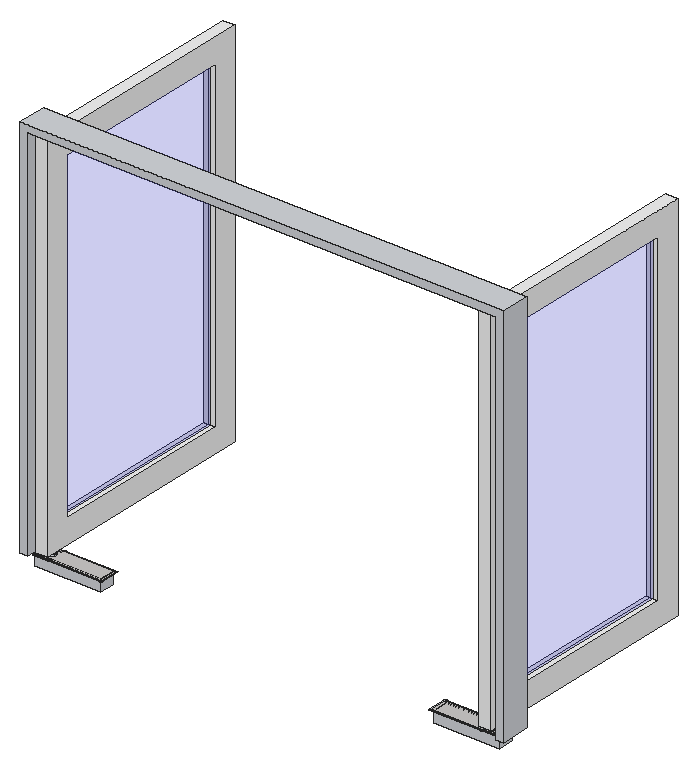
Revit family "Door closer BTS80_Double Access_Double Door", category Türen, Revit 2016
Family settings
  Basisbauteil = Wand
  OmniClass-Nummer = 23.30.10.00
  OmniClass-Titel = Doors
  Immer vertikal = Ja
  Beim Laden mit Abzugskörper schneiden = Nein
  Gemeinsam genutzt = Nein
  Raumberechnungspunkt = Nein
Parameters
  panel Height [instance] = Height - (Door Frame Width + Floor Space)  # 1935 mm
  Width (mm) = 0
  Width [instance] = 2500 mm
  Weight Net (Kg) = 0
  Wall Closure = (empty or 0)
  URL = ""
  UNSPC code = "26"
  UNSPC category = ""
  UNSPC Name = "Elkraftsutrustning och tillbehör"
  Product group = "Door Hardware"
  Product family = "Door Control"
  Product data url = "http://www.dorma.de/prod/tuertechnik..."
  Product SKU = ""
  Panel material = Aluminum
  Panel Width [instance] = (Width - (2 * Door Frame Width)) / 2  # 1210 mm
  Panel Thick [instance] = 60 mm
  Panel Swing options [instance] = Panel_DS_Open_Pos : Panel_DS_Open_Pos
  Panel Frame Width [instance] = 125 mm
  Material secondary = "Metal"
  Material main = "Stainless steel"
  Manufacturer country = "Germany"
  Hersteller = "DORMA"
  Installation instructions = "http://www.dorma.de/prod/tuertechnik..."
  IFC Classification = "Door"
  Hinge offset [instance] = 65 mm
  Height (mm) = 0
  Height [instance] = 2000 mm
  HO [instance] = Hinge offset + Door Frame Width  # 105 mm
  Glass material = Glass
  Glass Thick [instance] = 12 mm
  Floor Space [instance] = 25 mm
  Edition number = "1"
  EAN code = ""
  Door Frame Width [instance] = 40 mm
  Design country = "Germany"
  Depth (mm) = 0
  Date of publishing = ""
Reference planes
  plane 1: y = 0
  plane 2 "Center (Left/Right)": x = 0
  plane 3 "Left": x = -1250
  plane 4 "Right": x = 1250
  plane 5: z = 2000
  plane 6 "Exterior": y = 75
  plane 7 "Interior": y = -75
  plane 8: x = 1145
  plane 9: z = 25
  plane 10: x = -1145
Forms (mm)
  Sweep 1, solid
    path origin (0, -75, 0) x (1, 0, 0) y (0, 0, 1)
      loop
        line (-1250, 0) -> (-1250, 2000) -> (1250, 2000) -> (1250, 0)
    profile origin (-1250, -75, 1000) x (-1, 0, 0) y (0, -1, 0)
      loop
        line (0, 0) -> (-40, 0) -> (-40, -150) -> (0, -150) -> (0, 0)
Lines and regions (mm)
  Opening 1
    outline origin (-3050, -75, 0) x (1, 0, 0) y (0, 0, 1)
      loop
        line (1800, 0) -> (4300, 0) -> (4300, 2000) -> (1800, 2000) -> (1800, 0)
  symbolic lines
    curve 1: line (1250, -75, 1000) -> (-1250, -75, 2000)
    curve 2: line (1250, -75, 1000) -> (-1250, -75, 0)
Text (mm)
  text "Exterior" at (-2295.016, 1099.543, 0), in view "Ref. Level"
  text "Exterior" at (0, 1615.38, 3698.081), in view "Left"
  text "Exterior" at (0, 1036.032, 3874.932), in view "Right"
Dimensions and locks
  equal spacing: plane 3 "Left", plane 2 "Center (Left/Right)", plane 4 "Right"
  "Width": plane 3 "Left" to plane 4 "Right"
  "Height": plane 5 to host wall
  equal spacing: host wall, curve 2, plane 5
  host wall to plane 5 = 2000 mm
  locked: plane 6 "Exterior" to host wall at 0
  locked: plane 7 "Interior" to host wall
  "Door Frame Width": profile plane to Sweep 1 sketch curve
  "HO": plane 8 to plane 4 "Right"
  "Floor Space": plane 9 to level
  "HO": plane 3 "Left" to plane 10
  aligned and locked: plane 3 "Left" to Opening 1 sketch curve
  aligned and locked: plane 5 to Opening 1 sketch curve  (x2)
  aligned and locked: Opening 1 sketch curve to plane 4 "Right"
  aligned and locked: Opening 1 sketch curve to level
  aligned and locked: plane 5 to curve 1
  aligned and locked: plane 3 "Left" to curve 2
  aligned and locked: plane 1 to host wall
  aligned and locked: plane 3 "Left" to curve 1
  aligned and locked: Sweep 1 sketch curve to host wall  (x4)
  aligned and locked: profile plane to Sweep 1 sketch curve
  aligned and locked: host wall to Sweep 1 sketch curve
  aligned and locked: plane 8 to nested 1
  aligned and locked: host wall to nested 1
  aligned and locked: plane 9 to nested 1
  aligned and locked: nested 2 to plane 8
  aligned and locked: nested 2 to plane 1
  aligned and locked: plane 10 to nested 5
  aligned and locked: nested 5 to nested 4
  aligned and locked: plane 10 to nested 4
  aligned and locked: plane 1 to nested 6
Automatic sketch dimensions
  plane 4 "Right" to curve 2 = 0 mm
  curve 2 to level = 0 mm
  Sweep 1 sketch curve to level = 0 mm  (x2)
Nested families
  nested 1: "Panel_DS_Open_Pos" at (1145, 0, 25), type <- "Panel Swing options", type "Panel_DS_Open_Pos"
    with CW 1175 mm, Panel Width 1210 mm
  nested 2: "Floor Spring BTS80" at (1145, 0, 0) x (-1, 0, 0) z (0, 0, 1), type "Floor Spring BTS80"
    with Width 78 mm
  nested 3: "universal cover plates" at (1145, 0, 0) x (-1, 0, 0) z (0, 0, 1), type "Top Plate"
    with L 353 mm
  nested 4: "Panel_DS_Open_Pos" at (-1145, 0, 25) x (-1, 0, 0) z (0, 0, 1), type <- "Panel Swing options", type "Panel_DS_Open_Pos"
    with CW 1175 mm, Panel Width 1210 mm
  nested 5: "Floor Spring BTS80" at (-1145, 0, 0), type "Floor Spring BTS80"
    with Width 78 mm
  nested 6: "universal cover plates" at (-1145, 0, 0), type "Top Plate"
    with L 353 mm
Definition of nested family "Panel_DS_Open_Pos"
  Parameters
    Panel frame Width = 125 mm
    Panel Width = 920 mm
    Panel Thick = 60 mm
    Panel Height = 1935 mm
    Panel material = none
    Hinge Offset = 65 mm
    Glass Thick = 12 mm
    Glass Material = none
    CW [instance] = Panel Width - 35 mm  # 885 mm
  Reference planes
    plane 1 "Center (Front/Back)": y = 0
    plane 2: z = 0
    plane 3 "Center (Left/Right)": x = 0
    plane 4 "Top": z = 1935
  Forms (mm)
    Extrusion 1, solid, material <- "Panel material"
      sketch origin (27.5, -80, 0) x (0, -1, 0) y (0, 0, 1)
        loop
          line (-935, 1935) -> (-935, 0) -> (-15, 0) -> (-15, 1935) -> (-935, 1935)
        loop
          line (-810, 1810) -> (-810, 125) -> (-140, 125) -> (-140, 1810) -> (-810, 1810)
      from -2.5 to 57.5
    Extrusion 2, solid, material <- "Glass Material"
      sketch origin (27.5, -80, 0) x (0, -1, 0) y (0, 0, 1)
        loop
          line (-810, 1810) -> (-810, 125) -> (-140, 125) -> (-140, 1810) -> (-810, 1810)
      from 21.5 to 33.5
  Lines and regions (mm)
    symbolic lines
      curve 1: line (30, 855, 0) -> (30, -65, 0)
      curve 2: line (-30, 855, 0) -> (30, 855, 0)
      curve 3: line (-30, -65, 0) -> (-30, 855, 0)
      curve 4: line (30, -65, 0) -> (-30, -65, 0)
      curve 10: arc (0, 855, 0) -> (-604.576, 604.576, 0) -> (-855, 0, 0) r 855
    symbolic lines, detail levels medium+fine
      curve 5: line (-30, 730, 0) -> (30, 730, 0)
      curve 6: line (30, 60, 0) -> (-30, 60, 0)
    symbolic lines, detail levels medium
      curve 7: line (0, 730, 0) -> (0, 60, 0)
    symbolic lines, detail levels fine
      curve 8: line (-6, 730, 0) -> (-6, 60, 0)
      curve 9: line (6, 60, 0) -> (6, 730, 0)
  Dimensions and locks
    "Panel Height": plane 4 "Top" to level
    "Panel Width": Extrusion 1 sketch curve to Extrusion 1 sketch curve
    "Panel frame Width": Extrusion 1 sketch curve to Extrusion 1 sketch curve  (x4)
    "Glass Thick": Extrusion 2 to Extrusion 2
    "Panel Thick": Extrusion 1 to Extrusion 1
    equal spacing: Extrusion 1, plane 3 "Center (Left/Right)", Extrusion 1
    equal spacing: Extrusion 2, plane 3 "Center (Left/Right)", Extrusion 2
    "Hinge Offset": plane 1 "Center (Front/Back)" to Extrusion 1 sketch curve
    "Panel Width": Extrusion 1 to Extrusion 1
    "CW": curve 10 to Extrusion 1
    aligned and locked: level to plane 2
    aligned and locked: Extrusion 1 to Extrusion 2  (x2)
    aligned and locked: Extrusion 1 to curve 5
    aligned and locked: Extrusion 2 sketch curve to Extrusion 1  (x2)
    aligned and locked: curve 3 to Extrusion 1
    aligned and locked: curve 1 to Extrusion 1
    aligned and locked: curve 2 to Extrusion 1
    aligned and locked: curve 8 to Extrusion 2
    aligned and locked: curve 9 to Extrusion 2
    aligned and locked: curve 6 to Extrusion 1
    aligned and locked: curve 4 to Extrusion 1
    aligned and locked: plane 1 "Center (Front/Back)" to curve 10
  Automatic sketch dimensions
    Extrusion 2 sketch curve to plane 1 "Center (Front/Back)" = 730 mm
    Extrusion 2 sketch curve to plane 1 "Center (Front/Back)" = 60 mm
    curve 7 to plane 3 "Center (Left/Right)" = 0 mm
    Extrusion 1 sketch curve to level = 0 mm
    Extrusion 1 sketch curve to plane 4 "Top" = 0 mm
Definition of nested family "Floor Spring BTS80"
  Parameters
    Width [instance] = 78 mm
    Thickness = 5 mm
    Length = 341 mm
    Box material = none
  Reference planes
    plane 1 "Center (Front/Back)": y = 0
    plane 2: z = 0
    plane 3 "Center (Left/Right)": x = 0
  Forms (mm)
    Extrusion 1, solid, material <- "Box material", detail levels fine
      sketch origin (0, 0, 0) x (1, 0, 0) y (0, 1, 0)
        loop
          line (-57, 39) -> (-57, -39) -> (284, -39) -> (284, 39) -> (-57, 39)
      from -60 to 0
    Extrusion 2, void, detail levels medium+fine
      sketch origin (0, 0, 0) x (1, 0, 0) y (0, 1, 0)
        loop
          line (-52, 34) -> (-52, -34) -> (279, -34) -> (279, 34) -> (-52, 34)
      from -55 to 0
  Cuts and joins
    Extrusion 2 cuts Extrusion 1
  Lines and regions (mm)
    model lines, detail levels coarse+medium
      curve 1: line (284, -39, 0) -> (284, 39, 0)
      curve 2: line (-57, -39, 0) -> (284, -39, 0)
      curve 3: line (284, 39, 0) -> (-57, 39, 0)
      curve 4: line (-57, 39, 0) -> (-57, -39, 0)
      curve 5: line (284, -39, -60) -> (284, 39, -60)
      curve 6: line (-57, -39, -60) -> (284, -39, -60)
      curve 7: line (284, -39, 0) -> (284, -39, -60)
      curve 8: line (284, 39, 0) -> (284, 39, -60)
      curve 9: line (-57, -39, -1.115) -> (-57, -39, -60)
      curve 10: line (-57, 39, 0) -> (-57, 39, -60)
      curve 11: line (-57, 39, -60) -> (284, 39, -60)
      curve 12: line (-57, -39, -60) -> (-57, 39, -60)
  Dimensions and locks
    "Length": Extrusion 1 sketch curve to Extrusion 1 sketch curve
    Extrusion 1 sketch curve to Extrusion 1 sketch curve = 78 mm
    "Width": Extrusion 1 sketch curve to Extrusion 1 sketch curve
    "Thickness": Extrusion 1 to Extrusion 2 sketch curve  (x3)
    "Thickness": Extrusion 2 sketch curve to Extrusion 1
    equal spacing: cut or joined group of Extrusion 1, Extrusion 2, plane 1 "Center (Front/Back)", cut or joined group of Extrusion 1, Extrusion 2
    aligned and locked: level to plane 2
    aligned and locked: plane 3 "Center (Left/Right)" to nested 1
    aligned and locked: nested 1 to nested 2  (x2)
  Automatic sketch dimensions
    curve 4 to plane 3 "Center (Left/Right)" = 57 mm
    curve 3 to plane 1 "Center (Front/Back)" = 39 mm
    plane 3 "Center (Left/Right)" to curve 3 = 284 mm
    plane 1 "Center (Front/Back)" to curve 1 = 39 mm
    curve 12 to Extrusion 1 = 0 mm  (x2)
    curve 6 to Extrusion 1 = 0 mm
    curve 11 to Extrusion 1 = 0 mm
    Extrusion 1 to curve 8 = 0 mm
    curve 8 to Extrusion 1 = 0 mm  (x2)
    curve 7 to Extrusion 1 = 0 mm  (x3)
    curve 9 to Extrusion 1 = 0 mm  (x2)
    curve 10 to Extrusion 1 = 0 mm  (x3)
    Extrusion 1 to curve 9 = 1.115 mm
    Extrusion 1 sketch curve to plane 3 "Center (Left/Right)" = 57 mm
    plane 1 "Center (Front/Back)" to Extrusion 1 sketch curve = 39 mm
  Nested families
    nested 1: "universal cover plates" at (0, 0, 0), type "Top Plate"
      with L 353 mm
    nested 2: "Spindle" at (0, 0, 1.5), type "Spindle"
  Definition of nested family "universal cover plates"
    Parameters
      W = 95 mm
      Top Plate Material = none
      Spoindle offset = 57 mm
      Spindile Radius = 12.5 mm
      Plate Thickness = 1.5 mm
      Material-1 = none
      L [instance] = 353 mm
    Reference planes
      plane 1 "Center (Front/Back)": y = 0
      plane 2: z = 0
      plane 3 "Center (Left/Right)": x = 0
    Forms (mm)
      Extrusion 1, solid, material <- "Top Plate Material", detail levels medium+fine
        sketch origin (0, 0, 0) x (1, 0, 0) y (0, 1, 0)
          loop
            line (22, 47.5) -> (22, 35) -> (-57, 35) -> (-57, 12.5) -> (-11.952, 12.5)
            arc (-11.952, 12.5) -> (19, 0) -> (-11.952, -12.5) r 18
            line (-11.952, -12.5) -> (-57, -12.5) -> (-57, -35) -> (22, -35) -> (22, -47.5) -> (296, -47.5) -> (296, 47.5) -> (22, 47.5)
        from 0 to 1.5
      Extrusion 2, solid, material <- "Top Plate Material", detail levels medium+fine
        sketch origin (0, 0, 1.5) x (1, 0, 0) y (0, 1, 0)
          loop
            line (-57, -35) -> (-57, -47.5) -> (19.5, -47.5) -> (19.5, -35) -> (-57, -35)
          loop
            line (-57, 47.5) -> (-57, 35) -> (19.5, 35) -> (19.5, 47.5) -> (-57, 47.5)
        from -1.5 to 0
      Sweep 3, solid, material <- "Top Plate Material", detail levels medium+fine
        path origin (0, 0, 1.5) x (1, 0, 0) y (0, 1, 0)
          loop
            line (19.5, 47.5) -> (-57, 47.5)
        profile "Plate edge profile : Plate edge profile" origin (-18.75, 47.5, 1.5) x (0, -1, 0) y (0, 0, 1)
          loop
            line (0, 0) -> (-3.918, -2) -> (-4.257, -3.857) -> (0.743, -1.305) -> (0, 0)
      Sweep 4, solid, material <- "Top Plate Material", detail levels medium+fine
        path origin (0, 0, 1.5) x (1, 0, 0) y (0, 1, 0)
          loop
            line (19.5, -47.5) -> (-57, -47.5)
        profile "Plate edge profile : Plate edge profile" origin (-18.75, -47.5, 1.5) x (0, -1, 0) y (0, 0, 1)
          loop
            line (0, 0) -> (-0.743, -1.305) -> (4.257, -3.857) -> (3.918, -2) -> (0, 0)
      Extrusion 5, solid, material <- "Material-1", detail levels medium+fine
        sketch origin (0, 0, 1.5) x (1, 0, 0) y (0, 1, 0)
          loop
            line (-11.952, 12.5) -> (-57, 12.5) -> (-57, -12.5) -> (-11.952, -12.5)
            arc (-11.952, -12.5) -> (-17, 0) -> (-11.952, 12.5) r 18
        from -1.5 to 0
      Sweep 6, solid, detail levels medium+fine
        path origin (0, 0, 1.5) x (1, 0, 0) y (0, 1, 0)
          loop
            line (22, 47.5) -> (296, 47.5) -> (296, -47.5) -> (22, -47.5)
        profile "Plate edge profile : Plate edge profile" origin (159, 47.5, 1.5) x (0, 1, 0) y (0, 0, 1)
          loop
            line (0, 0) -> (-0.743, -1.305) -> (4.257, -3.857) -> (3.918, -2) -> (0, 0)
    Cuts and joins
      joined: Extrusion 2, Sweep 3, Sweep 4
    Lines and regions (mm)
      model lines, detail levels fine
        curve 1: line (-28.28, 0, 1.5) -> (26.72, 0, 1.5)
        curve 2: line (139.402, 19.354, 1.5) -> (125.578, 23.297, 1.5)
        curve 3: arc (125.578, 23.297, 1.5) -> (130.83, 14.665, 1.5) -> (133.541, 4.931, 1.5) r 36.864
        curve 4: line (133.541, 4.931, 1.5) -> (125, 0, 1.5)
        curve 5: line (125, 0, 1.5) -> (133.541, -4.931, 1.5)
        curve 6: arc (133.541, -4.931, 1.5) -> (130.83, -14.665, 1.5) -> (125.578, -23.297, 1.5) r 36.864
        curve 7: line (125.578, -23.297, 1.5) -> (139.402, -19.354, 1.5)
        curve 8: line (139.402, -19.354, 1.5) -> (139.402, -16.456, 1.5)
        curve 9: line (139.402, -16.456, 1.5) -> (132.626, -18.399, 1.5)
        curve 10: arc (132.626, -18.399, 1.5) -> (135.035, -12.694, 1.5) -> (136.537, -6.685, 1.5) r 40.09
        curve 11: arc (136.537, -6.685, 1.5) -> (136.76, -5.193, 1.5) -> (136.927, -3.694, 1.5) r 40.09
        curve 12: line (136.927, -3.694, 1.5) -> (130.53, 0, 1.5)
        curve 13: line (130.53, 0, 1.5) -> (136.927, 3.694, 1.5)
        curve 14: arc (136.927, 3.694, 1.5) -> (135.486, 11.254, 1.5) -> (132.626, 18.399, 1.5) r 40.09
        curve 15: line (132.626, 18.399, 1.5) -> (139.402, 16.456, 1.5)
        curve 16: line (139.402, 16.456, 1.5) -> (139.402, 19.354, 1.5)
        curve 17: line (140.784, 19.61, 1.5) -> (148.461, 21.417, 1.5)
        curve 18: line (148.461, 21.417, 1.5) -> (148.461, 18.707, 1.5)
        curve 19: line (148.461, 18.707, 1.5) -> (147.106, 18.463, 1.5)
        curve 20: line (147.106, 18.463, 1.5) -> (147.106, 16.467, 1.5)
        curve 21: line (147.106, 16.467, 1.5) -> (148.461, 16.224, 1.5)
        curve 22: line (148.461, 16.224, 1.5) -> (148.461, 13.514, 1.5)
        curve 23: line (148.461, 13.514, 1.5) -> (140.784, 15.32, 1.5)
        curve 24: line (140.784, 15.32, 1.5) -> (140.784, 19.61, 1.5)
        curve 25: line (142.816, 17.24, 1.5) -> (145.752, 16.711, 1.5)
        curve 26: line (145.752, 16.711, 1.5) -> (145.752, 18.22, 1.5)
        curve 27: line (145.752, 18.22, 1.5) -> (142.816, 17.691, 1.5)
        curve 28: line (145.3, 8.456, 1.5) -> (140.784, 9.45, 1.5)
        curve 29: line (140.784, 9.45, 1.5) -> (140.784, 13.062, 1.5)
        curve 30: line (140.784, 13.062, 1.5) -> (148.461, 13.062, 1.5)
        curve 31: line (148.461, 13.062, 1.5) -> (148.461, 10.805, 1.5)
        curve 32: line (148.461, 10.805, 1.5) -> (142.816, 10.805, 1.5)
        curve 33: line (142.816, 5.837, 1.5) -> (148.461, 5.837, 1.5)
        curve 34: line (148.461, 5.837, 1.5) -> (148.461, 3.579, 1.5)
        curve 35: line (148.461, 3.579, 1.5) -> (140.784, 3.579, 1.5)
        curve 36: line (140.784, 3.579, 1.5) -> (140.784, 7.192, 1.5)
        curve 37: line (140.784, 7.192, 1.5) -> (145.3, 8.185, 1.5)
        curve 38: arc (148.461, -7.71, 1.5) -> (147.672, -5.799, 1.5) -> (145.765, -5.001, 1.5) r 2.709
        curve 39: line (145.765, -5.001, 1.5) -> (143.507, -5.001, 1.5)
        curve 40: arc (143.507, -5.001, 1.5) -> (141.583, -5.789, 1.5) -> (140.784, -7.708, 1.5) r 2.71
        curve 41: line (140.784, -7.708, 1.5) -> (140.784, -9.062, 1.5)
        curve 42: arc (140.784, -9.062, 1.5) -> (141.577, -10.98, 1.5) -> (143.494, -11.775, 1.5) r 2.71
        curve 43: line (143.494, -11.775, 1.5) -> (145.752, -11.775, 1.5)
        curve 44: arc (145.752, -11.775, 1.5) -> (147.667, -10.981, 1.5) -> (148.461, -9.065, 1.5) r 2.71
        curve 45: line (148.461, -9.065, 1.5) -> (148.461, -7.71, 1.5)
        curve 46: line (143.133, -7.541, 1.5) -> (146.106, -7.541, 1.5)
        curve 47: arc (146.106, -7.541, 1.5) -> (146.681, -7.792, 1.5) -> (146.876, -8.388, 1.5) r 0.768
        curve 48: arc (146.876, -8.388, 1.5) -> (146.683, -8.981, 1.5) -> (146.112, -9.234, 1.5) r 0.768
        curve 49: line (146.112, -9.234, 1.5) -> (143.133, -9.234, 1.5)
        curve 50: arc (143.133, -9.234, 1.5) -> (142.563, -8.981, 1.5) -> (142.369, -8.388, 1.5) r 0.768
        curve 51: arc (142.369, -8.388, 1.5) -> (142.563, -7.794, 1.5) -> (143.133, -7.541, 1.5) r 0.768
        curve 52: line (143.266, -12.678, 1.5) -> (145.977, -12.678, 1.5)
        curve 53: arc (145.977, -12.678, 1.5) -> (147.734, -13.405, 1.5) -> (148.461, -15.162, 1.5) r 2.484
        curve 54: line (148.461, -15.162, 1.5) -> (148.461, -19.226, 1.5)
        curve 55: line (148.461, -19.226, 1.5) -> (140.784, -19.226, 1.5)
        curve 56: line (140.784, -19.226, 1.5) -> (140.784, -15.166, 1.5)
        curve 57: arc (140.784, -15.166, 1.5) -> (141.509, -13.408, 1.5) -> (143.266, -12.678, 1.5) r 2.484
        curve 58: circle (41, -27, 1.5) r 4.75 normal (0, 0, 1)
        curve 59: circle (41, -27, 1.5) r 2.5 normal (0, 0, 1)
        curve 60: line (33.441, -27, 1.5) -> (51.23, -27, 1.5)
        curve 61: line (41, -18.082, 1.5) -> (41, -35.484, 1.5)
        curve 62: line (41, 35.285, 1.5) -> (41, 17.496, 1.5)
        curve 63: line (51.617, 27, 1.5) -> (31.508, 27, 1.5)
        curve 64: circle (41, 27, 1.5) r 4.75 normal (0, 0, 1)
        curve 65: circle (41, 27, 1.5) r 2.5 normal (0, 0, 1)
        curve 66: circle (251, 27, 1.5) r 4.75 normal (0, 0, 1)
        curve 67: circle (251, 27, 1.5) r 2.5 normal (0, 0, 1)
        curve 68: line (251, 17.496, 1.5) -> (251, 35.285, 1.5)
        curve 69: line (259.672, 27, 1.5) -> (241.109, 27, 1.5)
        curve 70: line (251, -34.711, 1.5) -> (251, -18.469, 1.5)
        curve 71: line (242.27, -27, 1.5) -> (260.832, -27, 1.5)
        curve 72: circle (251, -27, 1.5) r 2.5 normal (0, 0, 1)
        curve 73: circle (251, -27, 1.5) r 4.75 normal (0, 0, 1)
        curve 74: arc (145.3, 1.025, 1.5) -> (142.781, 2.666, 1.5) -> (140.784, 0.418, 1.5) r 2.304
        curve 75: line (140.784, 0.418, 1.5) -> (140.784, -4.098, 1.5)
        curve 76: line (140.784, -4.098, 1.5) -> (148.461, -4.098, 1.5)
        curve 77: line (148.461, -4.098, 1.5) -> (148.461, -1.84, 1.5)
        curve 78: line (148.461, -1.84, 1.5) -> (145.3, -1.84, 1.5)
        curve 79: line (145.3, -1.072, 1.5) -> (148.461, 0.192, 1.5)
        curve 80: line (148.461, 0.192, 1.5) -> (148.461, 2.676, 1.5)
        curve 81: line (148.461, 2.676, 1.5) -> (145.3, 1.025, 1.5)
        curve 82: line (143.889, -0.799, 1.5) -> (143.889, -1.84, 1.5)
        curve 83: line (143.889, -1.84, 1.5) -> (142.195, -1.84, 1.5)
        curve 84: line (142.195, -1.84, 1.5) -> (142.195, -0.802, 1.5)
        curve 85: arc (142.195, -0.802, 1.5) -> (142.449, -0.231, 1.5) -> (143.042, -0.038, 1.5) r 0.768
        curve 86: arc (143.042, -0.038, 1.5) -> (143.634, -0.23, 1.5) -> (143.889, -0.799, 1.5) r 0.768
        curve 87: line (142.816, 10.579, 1.5) -> (148.461, 9.337, 1.5)
        curve 88: line (148.461, 7.305, 1.5) -> (142.816, 6.063, 1.5)
        curve 89: line (148.461, 9.337, 1.5) -> (148.461, 7.305, 1.5)
        curve 90: line (0, 30, 1.5) -> (0, -30, 1.5)
        curve 96: line (146.881, -15.667, 1.5) -> (146.881, -16.742, 1.5)
        curve 97: line (146.881, -16.742, 1.5) -> (142.365, -16.742, 1.5)
        curve 98: line (142.365, -16.742, 1.5) -> (142.365, -15.653, 1.5)
        curve 99: line (142.856, -15.162, 1.5) -> (146.375, -15.162, 1.5)
        curve 100: arc (146.375, -15.162, 1.5) -> (146.732, -15.31, 1.5) -> (146.881, -15.667, 1.5) r 0.506
        curve 101: arc (142.365, -15.653, 1.5) -> (142.509, -15.305, 1.5) -> (142.856, -15.162, 1.5) r 0.491
        curve 102: line (142.816, 6.063, 1.5) -> (142.816, 5.837, 1.5)
        curve 103: line (142.816, 10.805, 1.5) -> (142.816, 10.579, 1.5)
        curve 104: line (145.3, 8.456, 1.5) -> (145.3, 8.185, 1.5)
        curve 105: line (142.816, 17.691, 1.5) -> (142.816, 17.24, 1.5)
        curve 106: line (145.3, -1.072, 1.5) -> (145.3, -1.84, 1.5)
      model lines, detail levels coarse
        curve 91: line (-57, 51.757, 0) -> (300.257, 51.757, 0)
        curve 92: line (-57, -51.757, 0) -> (-57, 51.757, 0)
        curve 93: line (300.257, -51.757, 0) -> (-57, -51.757, 0)
        curve 94: line (300.257, 51.757, 0) -> (300.257, -51.757, 0)
        curve 95: circle (1, 0, 0) r 18 normal (0, 0, 1)
    Dimensions and locks
      "Plate Thickness": Extrusion 1 to level
      equal spacing: Extrusion 1, plane 1 "Center (Front/Back)", Extrusion 1
      "W": Extrusion 1 sketch curve to Extrusion 1 sketch curve
      "L": Extrusion 1 sketch curve to Extrusion 1 sketch curve
      "Spoindle offset": Extrusion 1 sketch curve to plane 3 "Center (Left/Right)"  (x2)
      aligned and locked: level to plane 2
      aligned and locked: cut or joined group of Extrusion 2, Sweep 3, Sweep 4 to Sweep 4 sketch curve
      aligned and locked: curve 91 to cut or joined group of Extrusion 2, Sweep 3, Sweep 4
      aligned and locked: curve 92 to cut or joined group of Extrusion 2, Sweep 3, Sweep 4
      aligned and locked: curve 93 to Sweep 6
      aligned and locked: curve 94 to Sweep 6
      aligned and locked: Extrusion 5 sketch curve to curve 95
    Automatic sketch dimensions
      Extrusion 2 sketch curve to Extrusion 1 = 0 mm  (x4)
      Extrusion 1 to Extrusion 2 sketch curve = 0 mm  (x2)
      Extrusion 1 to Extrusion 2 sketch curve = 2.5 mm  (x2)
      Sweep 3 sketch curve to Extrusion 1 = 0 mm
      Extrusion 1 to Sweep 3 sketch curve = 0 mm
      Extrusion 1 to Sweep 3 sketch curve = 2.5 mm
      Sweep 4 sketch curve to Extrusion 1 = 0 mm
      Extrusion 1 to Sweep 4 sketch curve = 0 mm
      Extrusion 5 sketch curve to Extrusion 1 = 0 mm  (x2)
      Extrusion 1 to Extrusion 5 sketch curve = 0 mm
      Sweep 6 sketch curve to Extrusion 1 = 0 mm  (x4)
      Extrusion 1 to Sweep 6 sketch curve = 0 mm
      curve 58 to curve 59 = 0 mm  (x2)
      curve 64 to curve 65 = 0 mm  (x2)
      curve 66 to curve 67 = 0 mm  (x2)
      curve 72 to curve 73 = 0 mm  (x2)
      Extrusion 1 to curve 4 = 12.5 mm
      curve 4 to Extrusion 1 = 103 mm
      curve 7 to Extrusion 1 = 10.797 mm
      curve 2 to Extrusion 1 = 10.797 mm
      curve 4 to curve 2 = 0.578 mm
      curve 4 to curve 7 = 0.578 mm
      Extrusion 1 to curve 13 = 12.5 mm
      curve 4 to curve 13 = 5.53 mm
      curve 9 to Extrusion 1 = 5.899 mm
      curve 15 to Extrusion 1 = 5.899 mm
      curve 2 to curve 15 = 7.048 mm
      Extrusion 1 to curve 5 = 7.569 mm
      curve 12 to curve 5 = 3.011 mm
      Extrusion 1 to curve 4 = 7.569 mm
      curve 12 to curve 4 = 3.011 mm
      Extrusion 1 to curve 12 = 8.806 mm
      curve 5 to curve 12 = 3.386 mm
      Extrusion 1 to curve 13 = 8.806 mm
      curve 4 to curve 13 = 3.386 mm
      curve 2 to Extrusion 1 = 6.854 mm
      curve 14 to curve 2 = 6.776 mm
      curve 7 to Extrusion 1 = 6.854 mm
      curve 9 to curve 7 = 6.776 mm
      curve 13 to curve 36 = 3.857 mm
      curve 11 to curve 75 = 3.857 mm
      curve 8 to curve 56 = 1.382 mm
      curve 30 to Extrusion 1 = 0.562 mm
      curve 15 to curve 30 = 1.382 mm
      curve 15 to curve 24 = 1.382 mm
      curve 75 to curve 41 = 0 mm
      curve 75 to curve 84 = 1.411 mm
      curve 40 to curve 46 = 2.349 mm
      curve 46 to curve 49 = 0 mm
      curve 52 to Extrusion 1 = 0.178 mm
      curve 50 to curve 52 = 0.132 mm
      curve 57 to curve 43 = 0.228 mm
      curve 46 to curve 39 = 0.373 mm
      curve 83 to curve 83 = 1.693 mm
      Extrusion 1 to curve 81 = 11.475 mm
      curve 82 to curve 81 = 1.411 mm
      Extrusion 1 to curve 43 = 0.725 mm
      curve 42 to curve 43 = 2.258 mm
      curve 25 to Extrusion 1 = 4.211 mm
      curve 23 to curve 25 = 4.967 mm
      curve 39 to curve 39 = 2.258 mm
      curve 44 to curve 52 = 0.226 mm
      curve 44 to curve 46 = 0.354 mm
      curve 44 to curve 49 = 0.36 mm
      curve 19 to Extrusion 1 = 5.963 mm
      curve 26 to curve 19 = 1.355 mm
      curve 46 to curve 45 = 2.355 mm
      Extrusion 1 to curve 32 = 1.695 mm
      curve 20 to curve 32 = 1.355 mm
      curve 39 to curve 76 = 2.697 mm
      curve 22 to curve 30 = 0 mm
      curve 33 to curve 31 = 0 mm
      curve 19 to Extrusion 1 = 6.207 mm
      curve 19 to curve 19 = 1.355 mm
      Extrusion 1 to curve 79 = 12.308 mm
      curve 79 to curve 77 = 0 mm
      Extrusion 1 to curve 87 = 3.163 mm
      curve 87 to curve 31 = 0 mm
      curve 53 to curve 55 = 2.484 mm
      Extrusion 1 to curve 1 = 12.5 mm
      curve 1 to Extrusion 1 = 28.72 mm
      curve 90 to Extrusion 1 = 5 mm  (x2)
      Extrusion 1 to curve 90 = 22 mm
      curve 1 to Extrusion 1 = 4.72 mm
      curve 63 to Extrusion 1 = 9.508 mm
      curve 60 to Extrusion 1 = 11.441 mm
      curve 60 to curve 58 = 7.559 mm
      curve 62 to Extrusion 1 = 4.996 mm
      curve 63 to curve 62 = 9.492 mm
      Extrusion 1 to curve 61 = 0.484 mm
      curve 61 to curve 58 = 0 mm
      curve 65 to curve 62 = 0 mm
      curve 58 to curve 60 = 10.23 mm
      curve 64 to curve 63 = 10.617 mm
      Extrusion 1 to curve 10 = 12.5 mm
      curve 10 to curve 4 = 27.992 mm
      curve 10 to curve 3 = 0 mm
      curve 10 to curve 6 = 0 mm
      curve 6 to curve 14 = 0 mm
      curve 3 to curve 11 = 0 mm
      curve 11 to curve 12 = 0.391 mm
      curve 50 to curve 51 = 0.764 mm
      curve 25 to Extrusion 1 = 4.74 mm
      curve 23 to curve 25 = 2.032 mm
      curve 36 to curve 33 = 2.032 mm
      curve 28 to curve 32 = 2.032 mm
      Extrusion 1 to curve 87 = 1.921 mm
      Extrusion 1 to curve 88 = 6.437 mm
      curve 27 to Extrusion 1 = 5.191 mm
      curve 84 to curve 85 = 0.768 mm
      curve 85 to curve 86 = 0.079 mm
      curve 86 to curve 74 = 0.045 mm
      curve 85 to curve 86 = 0.158 mm
      curve 51 to curve 46 = 0.001 mm
      curve 51 to curve 50 = 0 mm
      curve 46 to curve 40 = 0.361 mm
      curve 82 to curve 78 = 1.411 mm
      Extrusion 1 to curve 37 = 4.315 mm
      curve 88 to curve 37 = 2.484 mm
      Extrusion 1 to curve 28 = 4.044 mm
      Extrusion 1 to curve 79 = 11.428 mm
      curve 38 to curve 46 = 0.354 mm
      curve 44 to curve 48 = 0.361 mm
      curve 48 to curve 47 = 0 mm
      curve 47 to curve 47 = 0.764 mm
      curve 69 to Extrusion 1 = 8 mm
      curve 69 to Extrusion 1 = 54.891 mm
      curve 71 to Extrusion 1 = 8 mm
      curve 71 to Extrusion 1 = 53.73 mm
      curve 71 to curve 72 = 8.73 mm
      curve 70 to curve 72 = 0 mm
      curve 69 to curve 66 = 9.891 mm
      curve 68 to curve 66 = 0 mm
      curve 66 to curve 69 = 8.672 mm
      curve 72 to curve 71 = 9.832 mm
      curve 55 to curve 53 = 4.064 mm
      curve 7 to curve 9 = 2.897 mm
      curve 8 to curve 56 = 1.291 mm
      curve 49 to curve 44 = 0.169 mm
      curve 49 to curve 41 = 0.173 mm
      curve 44 to curve 45 = 1.355 mm
      curve 42 to curve 41 = 1.353 mm
      curve 38 to curve 46 = 0.169 mm
      curve 38 to curve 39 = 0 mm
      curve 40 to curve 75 = 0.903 mm
      curve 82 to curve 79 = 0.768 mm
      curve 78 to curve 79 = 2.032 mm
      curve 83 to curve 84 = 1.037 mm
      curve 82 to curve 82 = 1.041 mm
      curve 84 to curve 75 = 1.221 mm
      curve 79 to curve 80 = 2.484 mm
      curve 80 to curve 34 = 0.903 mm
      curve 34 to curve 34 = 2.258 mm
      curve 88 to curve 37 = 1.129 mm
      curve 33 to curve 88 = 1.468 mm
      curve 36 to curve 29 = 2.258 mm
      curve 30 to curve 23 = 0.452 mm
      curve 29 to curve 23 = 2.258 mm
      curve 22 to curve 18 = 2.484 mm
      curve 23 to curve 16 = 1.136 mm
      curve 21 to curve 21 = 0.244 mm
      curve 27 to curve 19 = 0.244 mm
      curve 2 to curve 17 = 0.257 mm
      curve 18 to curve 18 = 2.709 mm
      curve 70 to Extrusion 1 = 0.289 mm
      curve 70 to curve 72 = 7.711 mm
      curve 60 to Extrusion 1 = 8 mm
      curve 60 to curve 59 = 0 mm
      curve 70 to Extrusion 1 = 5.969 mm
      curve 61 to Extrusion 1 = 5.582 mm
      curve 42 to curve 50 = 0.598 mm
      curve 44 to curve 48 = 0.598 mm
      curve 86 to curve 82 = 0.002 mm
      curve 68 to Extrusion 1 = 4.996 mm
      curve 67 to Extrusion 1 = 8 mm
      curve 65 to Extrusion 1 = 8 mm
      curve 63 to Extrusion 1 = 8 mm
      Extrusion 1 to curve 62 = 0.285 mm
      Extrusion 1 to curve 68 = 0.285 mm
      curve 57 to curve 57 = 0.002 mm
      plane 1 "Center (Front/Back)" to curve 95 = 0 mm
      plane 3 "Center (Left/Right)" to curve 95 = 1 mm
      curve 98 to curve 57 = 0.903 mm
      curve 98 to curve 101 = 0.491 mm
      curve 53 to curve 99 = 0.397 mm
      curve 100 to curve 96 = 0.506 mm
      curve 98 to curve 57 = 1.581 mm
      curve 96 to curve 53 = 0.506 mm
      curve 101 to curve 57 = 0.491 mm
      Extrusion 1 sketch curve to plane 3 "Center (Left/Right)" = 11.952 mm  (x2)
      plane 3 "Center (Left/Right)" to Extrusion 1 sketch curve = 22 mm  (x2)
      plane 1 "Center (Front/Back)" to Extrusion 1 sketch curve = 47.5 mm
      plane 1 "Center (Front/Back)" to Extrusion 1 sketch curve = 0 mm
      plane 3 "Center (Left/Right)" to Extrusion 1 sketch curve = 1 mm
      plane 1 "Center (Front/Back)" to Extrusion 1 sketch curve = 35 mm
      plane 1 "Center (Front/Back)" to Extrusion 1 sketch curve = 12.5 mm
      Extrusion 1 sketch curve to Extrusion 1 sketch curve = 22.5 mm
      radius of curve 58 = 4.75 mm
      radius of curve 59 = 2.5 mm
      radius of curve 64 = 4.75 mm
      radius of curve 65 = 2.5 mm
      radius of curve 66 = 4.75 mm
      radius of curve 67 = 2.5 mm
      radius of curve 72 = 2.5 mm
      radius of curve 73 = 4.75 mm
      radius of curve 95 = 18 mm
  Definition of nested family "Spindle"
    Parameters
      Spindle material = none
      Spindle Height = 29.8 mm
    Reference planes
      plane 1 "Center (Front/Back)": y = 0
      plane 2: z = 0
      plane 3 "Center (Left/Right)": x = 0
    Forms (mm)
      Revolve 1, solid, material <- "Spindle material", detail levels medium+fine
        sketch origin (0, 0, 0) x (1, 0, 0) y (0, 0, 1)
          loop
            arc (-18.5, 3) -> (-19.914, 2.414) -> (-20.5, 1) r 2
            line (-20.5, 1) -> (-20.5, 0) -> (-6.129, 0) -> (-5.605, -10) -> (0, -10) -> (0, 19.8) -> (-6.609, 19.8) -> (-7.343, 5.8) -> (-12.35, 5.8) -> (-12.35, 3) -> (-18.5, 3)
          axis (0, 19.8) -> (0, -10)
        angle from 0 to 360
      Extrusion 2, void
        sketch origin (0, 0, 0) x (1, 0, 0) y (0, 1, 0)
          loop
            line (-7.794, 7.095) -> (-7.794, -7.905) -> (-3.538, -7.905) -> (-3.538, 7.095) -> (-7.794, 7.095)
          loop
            line (7.794, 7.095) -> (3.538, 7.095) -> (3.538, -7.905) -> (7.794, -7.905) -> (7.794, 7.095)
        from 5.8 to 19.8
    Cuts and joins
      Extrusion 2 cuts Revolve 1
    Text (mm)
      text "BTS80" at (570.925, 0, 11.425), in view "Front"
      text "M 1:1" at (20.899, 0, 406.943), in view "Front"
    Dimensions and locks
      "Spindle Height": Revolve 1 sketch curve to Revolve 1 sketch curve
      aligned and locked: level to plane 2
      aligned and locked: Revolve 1 sketch curve to plane 3 "Center (Left/Right)"  (x2)
      aligned and locked: Revolve 1 sketch curve to level
      aligned and locked: Revolve 1 to Extrusion 2
      aligned and locked: Extrusion 2 to Revolve 1
    Automatic sketch dimensions
      Extrusion 2 sketch curve to plane 3 "Center (Left/Right)" = 7.794 mm
      plane 3 "Center (Left/Right)" to Extrusion 2 sketch curve = 3.538 mm
      plane 1 "Center (Front/Back)" to Extrusion 2 sketch curve = 7.905 mm  (x2)
      Extrusion 2 sketch curve to plane 3 "Center (Left/Right)" = 3.538 mm
      Extrusion 2 sketch curve to Extrusion 2 sketch curve = 4.256 mm
      Extrusion 2 sketch curve to plane 1 "Center (Front/Back)" = 7.095 mm  (x2)
      Revolve 1 sketch curve to plane 3 "Center (Left/Right)" = 20.5 mm
      Revolve 1 sketch curve to level = 10 mm
      level to Revolve 1 sketch curve = 3 mm
      Revolve 1 sketch curve to Revolve 1 sketch curve = 8.15 mm
      Revolve 1 sketch curve to Revolve 1 sketch curve = 5.007 mm
      Revolve 1 sketch curve to plane 3 "Center (Left/Right)" = 6.609 mm
      Revolve 1 sketch curve to Revolve 1 sketch curve = 1.214 mm
      Revolve 1 sketch curve to plane 3 "Center (Left/Right)" = 5.605 mm
      Revolve 1 sketch curve to Revolve 1 sketch curve = 0 mm  (x4)
      level to Revolve 1 sketch curve = 1 mm  (x2)
      Revolve 1 sketch curve to Revolve 1 sketch curve = 2 mm
      Revolve 1 sketch curve to Revolve 1 sketch curve = 2.8 mm
      Revolve 1 sketch curve to Revolve 1 sketch curve = 200 mm
      Revolve 1 sketch curve to Revolve 1 sketch curve = 190.2 mm
Definition of nested family "universal cover plates"
  Parameters
    W = 95 mm
    Top Plate Material = none
    Spoindle offset = 57 mm
    Spindile Radius = 12.5 mm
    Plate Thickness = 1.5 mm
    Material-1 = none
    L [instance] = 353 mm
  Reference planes
    plane 1 "Center (Front/Back)": y = 0
    plane 2: z = 0
    plane 3 "Center (Left/Right)": x = 0
  Forms (mm)
    Extrusion 1, solid, material <- "Top Plate Material", detail levels medium+fine
      sketch origin (0, 0, 0) x (1, 0, 0) y (0, 1, 0)
        loop
          line (22, 47.5) -> (22, 35) -> (-57, 35) -> (-57, 12.5) -> (-11.952, 12.5)
          arc (-11.952, 12.5) -> (19, 0) -> (-11.952, -12.5) r 18
          line (-11.952, -12.5) -> (-57, -12.5) -> (-57, -35) -> (22, -35) -> (22, -47.5) -> (296, -47.5) -> (296, 47.5) -> (22, 47.5)
      from 0 to 1.5
    Extrusion 2, solid, material <- "Top Plate Material", detail levels medium+fine
      sketch origin (0, 0, 1.5) x (1, 0, 0) y (0, 1, 0)
        loop
          line (-57, -35) -> (-57, -47.5) -> (19.5, -47.5) -> (19.5, -35) -> (-57, -35)
        loop
          line (-57, 47.5) -> (-57, 35) -> (19.5, 35) -> (19.5, 47.5) -> (-57, 47.5)
      from -1.5 to 0
    Sweep 3, solid, material <- "Top Plate Material", detail levels medium+fine
      path origin (0, 0, 1.5) x (1, 0, 0) y (0, 1, 0)
        loop
          line (19.5, 47.5) -> (-57, 47.5)
      profile "Plate edge profile : Plate edge profile" origin (-18.75, 47.5, 1.5) x (0, -1, 0) y (0, 0, 1)
        loop
          line (0, 0) -> (-3.918, -2) -> (-4.257, -3.857) -> (0.743, -1.305) -> (0, 0)
    Sweep 4, solid, material <- "Top Plate Material", detail levels medium+fine
      path origin (0, 0, 1.5) x (1, 0, 0) y (0, 1, 0)
        loop
          line (19.5, -47.5) -> (-57, -47.5)
      profile "Plate edge profile : Plate edge profile" origin (-18.75, -47.5, 1.5) x (0, -1, 0) y (0, 0, 1)
        loop
          line (0, 0) -> (-0.743, -1.305) -> (4.257, -3.857) -> (3.918, -2) -> (0, 0)
    Extrusion 5, solid, material <- "Material-1", detail levels medium+fine
      sketch origin (0, 0, 1.5) x (1, 0, 0) y (0, 1, 0)
        loop
          line (-11.952, 12.5) -> (-57, 12.5) -> (-57, -12.5) -> (-11.952, -12.5)
          arc (-11.952, -12.5) -> (-17, 0) -> (-11.952, 12.5) r 18
      from -1.5 to 0
    Sweep 6, solid, detail levels medium+fine
      path origin (0, 0, 1.5) x (1, 0, 0) y (0, 1, 0)
        loop
          line (22, 47.5) -> (296, 47.5) -> (296, -47.5) -> (22, -47.5)
      profile "Plate edge profile : Plate edge profile" origin (159, 47.5, 1.5) x (0, 1, 0) y (0, 0, 1)
        loop
          line (0, 0) -> (-0.743, -1.305) -> (4.257, -3.857) -> (3.918, -2) -> (0, 0)
  Cuts and joins
    joined: Extrusion 2, Sweep 3, Sweep 4
  Lines and regions (mm)
    model lines, detail levels fine
      curve 1: line (-28.28, 0, 1.5) -> (26.72, 0, 1.5)
      curve 2: line (139.402, 19.354, 1.5) -> (125.578, 23.297, 1.5)
      curve 3: arc (125.578, 23.297, 1.5) -> (130.83, 14.665, 1.5) -> (133.541, 4.931, 1.5) r 36.864
      curve 4: line (133.541, 4.931, 1.5) -> (125, 0, 1.5)
      curve 5: line (125, 0, 1.5) -> (133.541, -4.931, 1.5)
      curve 6: arc (133.541, -4.931, 1.5) -> (130.83, -14.665, 1.5) -> (125.578, -23.297, 1.5) r 36.864
      curve 7: line (125.578, -23.297, 1.5) -> (139.402, -19.354, 1.5)
      curve 8: line (139.402, -19.354, 1.5) -> (139.402, -16.456, 1.5)
      curve 9: line (139.402, -16.456, 1.5) -> (132.626, -18.399, 1.5)
      curve 10: arc (132.626, -18.399, 1.5) -> (135.035, -12.694, 1.5) -> (136.537, -6.685, 1.5) r 40.09
      curve 11: arc (136.537, -6.685, 1.5) -> (136.76, -5.193, 1.5) -> (136.927, -3.694, 1.5) r 40.09
      curve 12: line (136.927, -3.694, 1.5) -> (130.53, 0, 1.5)
      curve 13: line (130.53, 0, 1.5) -> (136.927, 3.694, 1.5)
      curve 14: arc (136.927, 3.694, 1.5) -> (135.486, 11.254, 1.5) -> (132.626, 18.399, 1.5) r 40.09
      curve 15: line (132.626, 18.399, 1.5) -> (139.402, 16.456, 1.5)
      curve 16: line (139.402, 16.456, 1.5) -> (139.402, 19.354, 1.5)
      curve 17: line (140.784, 19.61, 1.5) -> (148.461, 21.417, 1.5)
      curve 18: line (148.461, 21.417, 1.5) -> (148.461, 18.707, 1.5)
      curve 19: line (148.461, 18.707, 1.5) -> (147.106, 18.463, 1.5)
      curve 20: line (147.106, 18.463, 1.5) -> (147.106, 16.467, 1.5)
      curve 21: line (147.106, 16.467, 1.5) -> (148.461, 16.224, 1.5)
      curve 22: line (148.461, 16.224, 1.5) -> (148.461, 13.514, 1.5)
      curve 23: line (148.461, 13.514, 1.5) -> (140.784, 15.32, 1.5)
      curve 24: line (140.784, 15.32, 1.5) -> (140.784, 19.61, 1.5)
      curve 25: line (142.816, 17.24, 1.5) -> (145.752, 16.711, 1.5)
      curve 26: line (145.752, 16.711, 1.5) -> (145.752, 18.22, 1.5)
      curve 27: line (145.752, 18.22, 1.5) -> (142.816, 17.691, 1.5)
      curve 28: line (145.3, 8.456, 1.5) -> (140.784, 9.45, 1.5)
      curve 29: line (140.784, 9.45, 1.5) -> (140.784, 13.062, 1.5)
      curve 30: line (140.784, 13.062, 1.5) -> (148.461, 13.062, 1.5)
      curve 31: line (148.461, 13.062, 1.5) -> (148.461, 10.805, 1.5)
      curve 32: line (148.461, 10.805, 1.5) -> (142.816, 10.805, 1.5)
      curve 33: line (142.816, 5.837, 1.5) -> (148.461, 5.837, 1.5)
      curve 34: line (148.461, 5.837, 1.5) -> (148.461, 3.579, 1.5)
      curve 35: line (148.461, 3.579, 1.5) -> (140.784, 3.579, 1.5)
      curve 36: line (140.784, 3.579, 1.5) -> (140.784, 7.192, 1.5)
      curve 37: line (140.784, 7.192, 1.5) -> (145.3, 8.185, 1.5)
      curve 38: arc (148.461, -7.71, 1.5) -> (147.672, -5.799, 1.5) -> (145.765, -5.001, 1.5) r 2.709
      curve 39: line (145.765, -5.001, 1.5) -> (143.507, -5.001, 1.5)
      curve 40: arc (143.507, -5.001, 1.5) -> (141.583, -5.789, 1.5) -> (140.784, -7.708, 1.5) r 2.71
      curve 41: line (140.784, -7.708, 1.5) -> (140.784, -9.062, 1.5)
      curve 42: arc (140.784, -9.062, 1.5) -> (141.577, -10.98, 1.5) -> (143.494, -11.775, 1.5) r 2.71
      curve 43: line (143.494, -11.775, 1.5) -> (145.752, -11.775, 1.5)
      curve 44: arc (145.752, -11.775, 1.5) -> (147.667, -10.981, 1.5) -> (148.461, -9.065, 1.5) r 2.71
      curve 45: line (148.461, -9.065, 1.5) -> (148.461, -7.71, 1.5)
      curve 46: line (143.133, -7.541, 1.5) -> (146.106, -7.541, 1.5)
      curve 47: arc (146.106, -7.541, 1.5) -> (146.681, -7.792, 1.5) -> (146.876, -8.388, 1.5) r 0.768
      curve 48: arc (146.876, -8.388, 1.5) -> (146.683, -8.981, 1.5) -> (146.112, -9.234, 1.5) r 0.768
      curve 49: line (146.112, -9.234, 1.5) -> (143.133, -9.234, 1.5)
      curve 50: arc (143.133, -9.234, 1.5) -> (142.563, -8.981, 1.5) -> (142.369, -8.388, 1.5) r 0.768
      curve 51: arc (142.369, -8.388, 1.5) -> (142.563, -7.794, 1.5) -> (143.133, -7.541, 1.5) r 0.768
      curve 52: line (143.266, -12.678, 1.5) -> (145.977, -12.678, 1.5)
      curve 53: arc (145.977, -12.678, 1.5) -> (147.734, -13.405, 1.5) -> (148.461, -15.162, 1.5) r 2.484
      curve 54: line (148.461, -15.162, 1.5) -> (148.461, -19.226, 1.5)
      curve 55: line (148.461, -19.226, 1.5) -> (140.784, -19.226, 1.5)
      curve 56: line (140.784, -19.226, 1.5) -> (140.784, -15.166, 1.5)
      curve 57: arc (140.784, -15.166, 1.5) -> (141.509, -13.408, 1.5) -> (143.266, -12.678, 1.5) r 2.484
      curve 58: circle (41, -27, 1.5) r 4.75 normal (0, 0, 1)
      curve 59: circle (41, -27, 1.5) r 2.5 normal (0, 0, 1)
      curve 60: line (33.441, -27, 1.5) -> (51.23, -27, 1.5)
      curve 61: line (41, -18.082, 1.5) -> (41, -35.484, 1.5)
      curve 62: line (41, 35.285, 1.5) -> (41, 17.496, 1.5)
      curve 63: line (51.617, 27, 1.5) -> (31.508, 27, 1.5)
      curve 64: circle (41, 27, 1.5) r 4.75 normal (0, 0, 1)
      curve 65: circle (41, 27, 1.5) r 2.5 normal (0, 0, 1)
      curve 66: circle (251, 27, 1.5) r 4.75 normal (0, 0, 1)
      curve 67: circle (251, 27, 1.5) r 2.5 normal (0, 0, 1)
      curve 68: line (251, 17.496, 1.5) -> (251, 35.285, 1.5)
      curve 69: line (259.672, 27, 1.5) -> (241.109, 27, 1.5)
      curve 70: line (251, -34.711, 1.5) -> (251, -18.469, 1.5)
      curve 71: line (242.27, -27, 1.5) -> (260.832, -27, 1.5)
      curve 72: circle (251, -27, 1.5) r 2.5 normal (0, 0, 1)
      curve 73: circle (251, -27, 1.5) r 4.75 normal (0, 0, 1)
      curve 74: arc (145.3, 1.025, 1.5) -> (142.781, 2.666, 1.5) -> (140.784, 0.418, 1.5) r 2.304
      curve 75: line (140.784, 0.418, 1.5) -> (140.784, -4.098, 1.5)
      curve 76: line (140.784, -4.098, 1.5) -> (148.461, -4.098, 1.5)
      curve 77: line (148.461, -4.098, 1.5) -> (148.461, -1.84, 1.5)
      curve 78: line (148.461, -1.84, 1.5) -> (145.3, -1.84, 1.5)
      curve 79: line (145.3, -1.072, 1.5) -> (148.461, 0.192, 1.5)
      curve 80: line (148.461, 0.192, 1.5) -> (148.461, 2.676, 1.5)
      curve 81: line (148.461, 2.676, 1.5) -> (145.3, 1.025, 1.5)
      curve 82: line (143.889, -0.799, 1.5) -> (143.889, -1.84, 1.5)
      curve 83: line (143.889, -1.84, 1.5) -> (142.195, -1.84, 1.5)
      curve 84: line (142.195, -1.84, 1.5) -> (142.195, -0.802, 1.5)
      curve 85: arc (142.195, -0.802, 1.5) -> (142.449, -0.231, 1.5) -> (143.042, -0.038, 1.5) r 0.768
      curve 86: arc (143.042, -0.038, 1.5) -> (143.634, -0.23, 1.5) -> (143.889, -0.799, 1.5) r 0.768
      curve 87: line (142.816, 10.579, 1.5) -> (148.461, 9.337, 1.5)
      curve 88: line (148.461, 7.305, 1.5) -> (142.816, 6.063, 1.5)
      curve 89: line (148.461, 9.337, 1.5) -> (148.461, 7.305, 1.5)
      curve 90: line (0, 30, 1.5) -> (0, -30, 1.5)
      curve 96: line (146.881, -15.667, 1.5) -> (146.881, -16.742, 1.5)
      curve 97: line (146.881, -16.742, 1.5) -> (142.365, -16.742, 1.5)
      curve 98: line (142.365, -16.742, 1.5) -> (142.365, -15.653, 1.5)
      curve 99: line (142.856, -15.162, 1.5) -> (146.375, -15.162, 1.5)
      curve 100: arc (146.375, -15.162, 1.5) -> (146.732, -15.31, 1.5) -> (146.881, -15.667, 1.5) r 0.506
      curve 101: arc (142.365, -15.653, 1.5) -> (142.509, -15.305, 1.5) -> (142.856, -15.162, 1.5) r 0.491
      curve 102: line (142.816, 6.063, 1.5) -> (142.816, 5.837, 1.5)
      curve 103: line (142.816, 10.805, 1.5) -> (142.816, 10.579, 1.5)
      curve 104: line (145.3, 8.456, 1.5) -> (145.3, 8.185, 1.5)
      curve 105: line (142.816, 17.691, 1.5) -> (142.816, 17.24, 1.5)
      curve 106: line (145.3, -1.072, 1.5) -> (145.3, -1.84, 1.5)
    model lines, detail levels coarse
      curve 91: line (-57, 51.757, 0) -> (300.257, 51.757, 0)
      curve 92: line (-57, -51.757, 0) -> (-57, 51.757, 0)
      curve 93: line (300.257, -51.757, 0) -> (-57, -51.757, 0)
      curve 94: line (300.257, 51.757, 0) -> (300.257, -51.757, 0)
      curve 95: circle (1, 0, 0) r 18 normal (0, 0, 1)
  Dimensions and locks
    "Plate Thickness": Extrusion 1 to level
    equal spacing: Extrusion 1, plane 1 "Center (Front/Back)", Extrusion 1
    "W": Extrusion 1 sketch curve to Extrusion 1 sketch curve
    "L": Extrusion 1 sketch curve to Extrusion 1 sketch curve
    "Spoindle offset": Extrusion 1 sketch curve to plane 3 "Center (Left/Right)"  (x2)
    aligned and locked: level to plane 2
    aligned and locked: cut or joined group of Extrusion 2, Sweep 3, Sweep 4 to Sweep 4 sketch curve
    aligned and locked: curve 91 to cut or joined group of Extrusion 2, Sweep 3, Sweep 4
    aligned and locked: curve 92 to cut or joined group of Extrusion 2, Sweep 3, Sweep 4
    aligned and locked: curve 93 to Sweep 6
    aligned and locked: curve 94 to Sweep 6
    aligned and locked: Extrusion 5 sketch curve to curve 95
  Automatic sketch dimensions
    Extrusion 2 sketch curve to Extrusion 1 = 0 mm  (x4)
    Extrusion 1 to Extrusion 2 sketch curve = 0 mm  (x2)
    Extrusion 1 to Extrusion 2 sketch curve = 2.5 mm  (x2)
    Sweep 3 sketch curve to Extrusion 1 = 0 mm
    Extrusion 1 to Sweep 3 sketch curve = 0 mm
    Extrusion 1 to Sweep 3 sketch curve = 2.5 mm
    Sweep 4 sketch curve to Extrusion 1 = 0 mm
    Extrusion 1 to Sweep 4 sketch curve = 0 mm
    Extrusion 5 sketch curve to Extrusion 1 = 0 mm  (x2)
    Extrusion 1 to Extrusion 5 sketch curve = 0 mm
    Sweep 6 sketch curve to Extrusion 1 = 0 mm  (x4)
    Extrusion 1 to Sweep 6 sketch curve = 0 mm
    curve 58 to curve 59 = 0 mm  (x2)
    curve 64 to curve 65 = 0 mm  (x2)
    curve 66 to curve 67 = 0 mm  (x2)
    curve 72 to curve 73 = 0 mm  (x2)
    Extrusion 1 to curve 4 = 12.5 mm
    curve 4 to Extrusion 1 = 103 mm
    curve 7 to Extrusion 1 = 10.797 mm
    curve 2 to Extrusion 1 = 10.797 mm
    curve 4 to curve 2 = 0.578 mm
    curve 4 to curve 7 = 0.578 mm
    Extrusion 1 to curve 13 = 12.5 mm
    curve 4 to curve 13 = 5.53 mm
    curve 9 to Extrusion 1 = 5.899 mm
    curve 15 to Extrusion 1 = 5.899 mm
    curve 2 to curve 15 = 7.048 mm
    Extrusion 1 to curve 5 = 7.569 mm
    curve 12 to curve 5 = 3.011 mm
    Extrusion 1 to curve 4 = 7.569 mm
    curve 12 to curve 4 = 3.011 mm
    Extrusion 1 to curve 12 = 8.806 mm
    curve 5 to curve 12 = 3.386 mm
    Extrusion 1 to curve 13 = 8.806 mm
    curve 4 to curve 13 = 3.386 mm
    curve 2 to Extrusion 1 = 6.854 mm
    curve 14 to curve 2 = 6.776 mm
    curve 7 to Extrusion 1 = 6.854 mm
    curve 9 to curve 7 = 6.776 mm
    curve 13 to curve 36 = 3.857 mm
    curve 11 to curve 75 = 3.857 mm
    curve 8 to curve 56 = 1.382 mm
    curve 30 to Extrusion 1 = 0.562 mm
    curve 15 to curve 30 = 1.382 mm
    curve 15 to curve 24 = 1.382 mm
    curve 75 to curve 41 = 0 mm
    curve 75 to curve 84 = 1.411 mm
    curve 40 to curve 46 = 2.349 mm
    curve 46 to curve 49 = 0 mm
    curve 52 to Extrusion 1 = 0.178 mm
    curve 50 to curve 52 = 0.132 mm
    curve 57 to curve 43 = 0.228 mm
    curve 46 to curve 39 = 0.373 mm
    curve 83 to curve 83 = 1.693 mm
    Extrusion 1 to curve 81 = 11.475 mm
    curve 82 to curve 81 = 1.411 mm
    Extrusion 1 to curve 43 = 0.725 mm
    curve 42 to curve 43 = 2.258 mm
    curve 25 to Extrusion 1 = 4.211 mm
    curve 23 to curve 25 = 4.967 mm
    curve 39 to curve 39 = 2.258 mm
    curve 44 to curve 52 = 0.226 mm
    curve 44 to curve 46 = 0.354 mm
    curve 44 to curve 49 = 0.36 mm
    curve 19 to Extrusion 1 = 5.963 mm
    curve 26 to curve 19 = 1.355 mm
    curve 46 to curve 45 = 2.355 mm
    Extrusion 1 to curve 32 = 1.695 mm
    curve 20 to curve 32 = 1.355 mm
    curve 39 to curve 76 = 2.697 mm
    curve 22 to curve 30 = 0 mm
    curve 33 to curve 31 = 0 mm
    curve 19 to Extrusion 1 = 6.207 mm
    curve 19 to curve 19 = 1.355 mm
    Extrusion 1 to curve 79 = 12.308 mm
    curve 79 to curve 77 = 0 mm
    Extrusion 1 to curve 87 = 3.163 mm
    curve 87 to curve 31 = 0 mm
    curve 53 to curve 55 = 2.484 mm
    Extrusion 1 to curve 1 = 12.5 mm
    curve 1 to Extrusion 1 = 28.72 mm
    curve 90 to Extrusion 1 = 5 mm  (x2)
    Extrusion 1 to curve 90 = 22 mm
    curve 1 to Extrusion 1 = 4.72 mm
    curve 63 to Extrusion 1 = 9.508 mm
    curve 60 to Extrusion 1 = 11.441 mm
    curve 60 to curve 58 = 7.559 mm
    curve 62 to Extrusion 1 = 4.996 mm
    curve 63 to curve 62 = 9.492 mm
    Extrusion 1 to curve 61 = 0.484 mm
    curve 61 to curve 58 = 0 mm
    curve 65 to curve 62 = 0 mm
    curve 58 to curve 60 = 10.23 mm
    curve 64 to curve 63 = 10.617 mm
    Extrusion 1 to curve 10 = 12.5 mm
    curve 10 to curve 4 = 27.992 mm
    curve 10 to curve 3 = 0 mm
    curve 10 to curve 6 = 0 mm
    curve 6 to curve 14 = 0 mm
    curve 3 to curve 11 = 0 mm
    curve 11 to curve 12 = 0.391 mm
    curve 50 to curve 51 = 0.764 mm
    curve 25 to Extrusion 1 = 4.74 mm
    curve 23 to curve 25 = 2.032 mm
    curve 36 to curve 33 = 2.032 mm
    curve 28 to curve 32 = 2.032 mm
    Extrusion 1 to curve 87 = 1.921 mm
    Extrusion 1 to curve 88 = 6.437 mm
    curve 27 to Extrusion 1 = 5.191 mm
    curve 84 to curve 85 = 0.768 mm
    curve 85 to curve 86 = 0.079 mm
    curve 86 to curve 74 = 0.045 mm
    curve 85 to curve 86 = 0.158 mm
    curve 51 to curve 46 = 0.001 mm
    curve 51 to curve 50 = 0 mm
    curve 46 to curve 40 = 0.361 mm
    curve 82 to curve 78 = 1.411 mm
    Extrusion 1 to curve 37 = 4.315 mm
    curve 88 to curve 37 = 2.484 mm
    Extrusion 1 to curve 28 = 4.044 mm
    Extrusion 1 to curve 79 = 11.428 mm
    curve 38 to curve 46 = 0.354 mm
    curve 44 to curve 48 = 0.361 mm
    curve 48 to curve 47 = 0 mm
    curve 47 to curve 47 = 0.764 mm
    curve 69 to Extrusion 1 = 8 mm
    curve 69 to Extrusion 1 = 54.891 mm
    curve 71 to Extrusion 1 = 8 mm
    curve 71 to Extrusion 1 = 53.73 mm
    curve 71 to curve 72 = 8.73 mm
    curve 70 to curve 72 = 0 mm
    curve 69 to curve 66 = 9.891 mm
    curve 68 to curve 66 = 0 mm
    curve 66 to curve 69 = 8.672 mm
    curve 72 to curve 71 = 9.832 mm
    curve 55 to curve 53 = 4.064 mm
    curve 7 to curve 9 = 2.897 mm
    curve 8 to curve 56 = 1.291 mm
    curve 49 to curve 44 = 0.169 mm
    curve 49 to curve 41 = 0.173 mm
    curve 44 to curve 45 = 1.355 mm
    curve 42 to curve 41 = 1.353 mm
    curve 38 to curve 46 = 0.169 mm
    curve 38 to curve 39 = 0 mm
    curve 40 to curve 75 = 0.903 mm
    curve 82 to curve 79 = 0.768 mm
    curve 78 to curve 79 = 2.032 mm
    curve 83 to curve 84 = 1.037 mm
    curve 82 to curve 82 = 1.041 mm
    curve 84 to curve 75 = 1.221 mm
    curve 79 to curve 80 = 2.484 mm
    curve 80 to curve 34 = 0.903 mm
    curve 34 to curve 34 = 2.258 mm
    curve 88 to curve 37 = 1.129 mm
    curve 33 to curve 88 = 1.468 mm
    curve 36 to curve 29 = 2.258 mm
    curve 30 to curve 23 = 0.452 mm
    curve 29 to curve 23 = 2.258 mm
    curve 22 to curve 18 = 2.484 mm
    curve 23 to curve 16 = 1.136 mm
    curve 21 to curve 21 = 0.244 mm
    curve 27 to curve 19 = 0.244 mm
    curve 2 to curve 17 = 0.257 mm
    curve 18 to curve 18 = 2.709 mm
    curve 70 to Extrusion 1 = 0.289 mm
    curve 70 to curve 72 = 7.711 mm
    curve 60 to Extrusion 1 = 8 mm
    curve 60 to curve 59 = 0 mm
    curve 70 to Extrusion 1 = 5.969 mm
    curve 61 to Extrusion 1 = 5.582 mm
    curve 42 to curve 50 = 0.598 mm
    curve 44 to curve 48 = 0.598 mm
    curve 86 to curve 82 = 0.002 mm
    curve 68 to Extrusion 1 = 4.996 mm
    curve 67 to Extrusion 1 = 8 mm
    curve 65 to Extrusion 1 = 8 mm
    curve 63 to Extrusion 1 = 8 mm
    Extrusion 1 to curve 62 = 0.285 mm
    Extrusion 1 to curve 68 = 0.285 mm
    curve 57 to curve 57 = 0.002 mm
    plane 1 "Center (Front/Back)" to curve 95 = 0 mm
    plane 3 "Center (Left/Right)" to curve 95 = 1 mm
    curve 98 to curve 57 = 0.903 mm
    curve 98 to curve 101 = 0.491 mm
    curve 53 to curve 99 = 0.397 mm
    curve 100 to curve 96 = 0.506 mm
    curve 98 to curve 57 = 1.581 mm
    curve 96 to curve 53 = 0.506 mm
    curve 101 to curve 57 = 0.491 mm
    Extrusion 1 sketch curve to plane 3 "Center (Left/Right)" = 11.952 mm  (x2)
    plane 3 "Center (Left/Right)" to Extrusion 1 sketch curve = 22 mm  (x2)
    plane 1 "Center (Front/Back)" to Extrusion 1 sketch curve = 47.5 mm
    plane 1 "Center (Front/Back)" to Extrusion 1 sketch curve = 0 mm
    plane 3 "Center (Left/Right)" to Extrusion 1 sketch curve = 1 mm
    plane 1 "Center (Front/Back)" to Extrusion 1 sketch curve = 35 mm
    plane 1 "Center (Front/Back)" to Extrusion 1 sketch curve = 12.5 mm
    Extrusion 1 sketch curve to Extrusion 1 sketch curve = 22.5 mm
    radius of curve 58 = 4.75 mm
    radius of curve 59 = 2.5 mm
    radius of curve 64 = 4.75 mm
    radius of curve 65 = 2.5 mm
    radius of curve 66 = 4.75 mm
    radius of curve 67 = 2.5 mm
    radius of curve 72 = 2.5 mm
    radius of curve 73 = 4.75 mm
    radius of curve 95 = 18 mm
